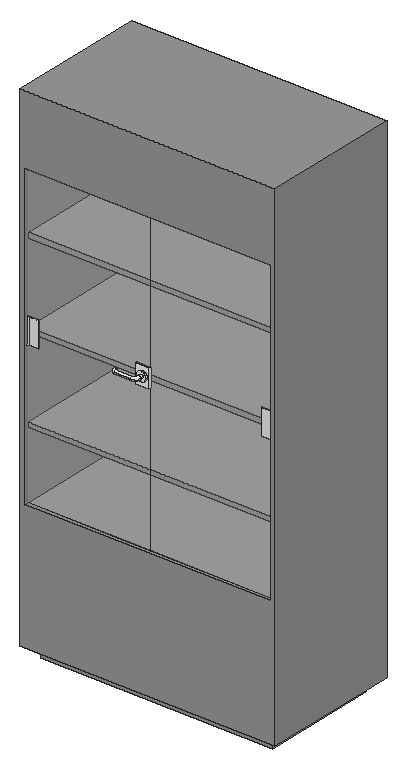
Revit family "13155 Витрина уличная «Буккроссинг» синяя Хоббика", category Антураж, Revit 2018
Family settings
  На основе рабочей плоскости = Нет
  Всегда вертикально = Да
  При загрузке вырезать с полостями = Нет
  Источник визуального образа = Геометрия семейства
  Общий = Нет
  Точка расчета площади = Нет
Parameters (values of type "Витрина уличная «Буккроссинг» синяя")
  Ширина = 600 mm  # constant formula
  Описание = "Витрина уличная «Буккроссинг» синяя"  # constant formula
  Материал изделия = "Сталь, стекло"  # constant formula
  Изображение типоразмера = Витрина уличная «Буккроссинг» синяя Арт 13155.jpg
  Изготовитель = "ООО «Хоббика»"  # constant formula
  Длина = 1100 mm  # constant formula
  Группа модели = "Павильоны, остановки, курилки, буккроссинг"  # constant formula
  Высота = 2200 mm  # constant formula
  Артикул товара = "Арт. 13155"  # constant formula
  URL = "https://hobbyka.ru/product/vitrina_ulichnaya_bukkrossing/"
Reference planes
  plane 1 "По центру (Вперед/Назад)": y = 0
  plane 2: z = 0
  plane 3 "По центру (Влево/Вправо)": x = 0
Forms (mm)
  Extrusion 1, solid, material "Синий"
    sketch origin (0, 0, 0) x (1, 0, 0) y (0, 1, 0)
      loop
        line (1050, 550) -> (50, 550) -> (50, 50) -> (1050, 50) -> (1050, 550)
    from 0 to 50
  Extrusion 2, solid, material "Синий"
    sketch origin (0, 0, 0) x (1, 0, 0) y (0, 1, 0)
      loop
        line (1100, 600) -> (0, 600) -> (0, 0) -> (1100, 0) -> (1100, 600)
    from 50 to 2200
  Extrusion 3, void
    sketch origin (0, 0, 0) x (1, 0, 0) y (0, 0, 1)
      loop
        line (20, 1900) -> (20, 600) -> (1080, 600) -> (1080, 1900) -> (20, 1900)
    from 0 to -600
  Extrusion 4, solid, material "Стекло"
    sketch origin (0, 0, 0) x (1, 0, 0) y (0, 0, 1)
      loop
        line (20, 1900) -> (20, 600) -> (550, 600) -> (550, 1900) -> (20, 1900)
    from -15 to -17
  Extrusion 5, solid, material "Хром"
    sketch origin (0, 0, 0) x (1, 0, 0) y (0, 1, 0)
      loop
        line (70, 15) -> (20, 15)
        arc (20, 15) -> (23.978, 10.105) -> (29.583, 13) r 5
        line (29.583, 13) -> (70, 13) -> (70, 15)
    from 1214.966 to 1325
  Extrusion 6, solid, material "Синий"
    sketch origin (0, 0, -50) x (1, 0, 0) y (0, 0, 1)
      loop
        line (20, 1695) -> (20, 1675) -> (1080, 1675) -> (1080, 1695) -> (20, 1695)
      loop
        line (20, 1330) -> (20, 1310) -> (1080, 1310) -> (1080, 1330) -> (20, 1330)
      loop
        line (20, 965) -> (20, 945) -> (1080, 945) -> (1080, 965) -> (20, 965)
    from -583 to -17
  Extrusion 7, solid, material "Стекло"
    sketch origin (1100, 0, 0) x (-1, 0, 0) y (0, 0, -1)
      loop
        line (20, -1900) -> (550, -1900) -> (550, -600) -> (20, -600) -> (20, -1900)
    from -15 to -17
  Extrusion 8, solid, material "Хром"
    sketch origin (1100, 0, 0) x (-1, 0, 0) y (0, -1, 0)
      loop
        line (70, -15) -> (70, -13) -> (29.583, -13)
        arc (29.583, -13) -> (23.978, -10.105) -> (20, -15) r 5
        line (20, -15) -> (70, -15)
    from 1214.966 to 1325
  Extrusion 9, solid, material "Стекло"
    sketch origin (0, 600, 0) x (1, 0, 0) y (0, 0, -1)
      loop
        line (20, -1900) -> (550, -1900) -> (550, -600) -> (20, -600) -> (20, -1900)
    from -15 to -17
  Extrusion 10, solid, material "Хром"
    sketch origin (0, 600, 0) x (1, 0, 0) y (0, 1, 0)
      loop
        line (70, -15) -> (70, -13) -> (29.583, -13)
        arc (29.583, -13) -> (23.978, -10.105) -> (20, -15) r 5
        line (20, -15) -> (70, -15)
    from 1214.966 to 1325
  Extrusion 11, solid, material "Стекло"
    sketch origin (1100, 600, 0) x (-1, 0, 0) y (0, 0, 1)
      loop
        line (20, 1900) -> (20, 600) -> (550, 600) -> (550, 1900) -> (20, 1900)
    from -15 to -17
  Extrusion 12, solid, material "Хром"
    sketch origin (1100, 600, 0) x (-1, 0, 0) y (0, -1, 0)
      loop
        line (70, 15) -> (20, 15)
        arc (20, 15) -> (23.978, 10.105) -> (29.583, 13) r 5
        line (29.583, 13) -> (70, 13) -> (70, 15)
    from 1214.966 to 1325
Cuts and joins
  Extrusion 3 cuts Extrusion 2
Lines and regions (mm)
  reference lines
    curve 1: line (1100, 0, 0) -> (1100, 600, 0)
    curve 2: line (1100, 600, 0) -> (0, 600, 0)
    curve 3: line (0, 0, 2200) -> (800, 0, 2200)
Dimensions and locks
  aligned and locked: level to plane 2
Nested families
  nested 1: "Handle Domestic (1)" at (515, 585, 1269.99), type "Handle Domestic (1)"
  nested 2: "Handle Domestic (1)" at (585, 15, 1269.99) x (-1, 0, 0) z (0, 0, 1), type "Handle Domestic (1)"
Definition of nested family "Handle Domestic (1)"
  Parameters (values of type "Handle Domestic (1)")
    Function = (empty or 0)
    Manufacturer = "Revit"
    Analytic Construction = "<Нет>"
    Material Ironmongery = none
    Handle Z Distance = 0 mm
    Handle X Distance = 65 mm
  Reference planes
    plane 1 "Center (Front/Back)": y = 0
    plane 2: z = 0
    plane 3 "Center (Left/Right)": x = 0
    plane 4: z = 0
    plane 5: x = 65
  Forms (mm)
    Extrusion 1, solid, material <- "Material Ironmongery"
      sketch origin (0, 0, 0) x (1, 0, 0) y (0, 0, 1)
        loop
          line (35, 40) -> (35, -40) -> (95, -40) -> (95, 40) -> (35, 40)
      from 0 to -6
    Sweep 2, solid, material <- "Material Ironmongery"
      path origin (0, 0, 0) x (0, -1, 0) y (1, 0, 0)
        loop
          line (-10.593, 65) -> (-26, 65)
          arc (-26, 65) -> (-36.607, 69.393) -> (-41, 80) r 15
          line (-41, 80) -> (-41, 152)
          arc (-41, 152) -> (-38.657, 157.657) -> (-33, 160) r 8
      profile origin (0, 18.296, 0) x (-1, 0, 0) y (0, 0, 1)
        loop
          circle (-65, 0) r 7
    Extrusion 3, solid, material <- "Material Ironmongery"
      sketch origin (0, 0, 0) x (1, 0, 0) y (0, 0, 1)
        loop
          circle (65, 0) r 20
      from -6 to -10.593
  Dimensions and locks
    "Handle Z Distance": plane 4 to level
    "Handle X Distance": plane 5 to plane 3 "Center (Left/Right)"
    aligned and locked: Extrusion 1 to Extrusion 3
    aligned and locked: Extrusion 3 to Sweep 2 sketch curve
  Automatic sketch dimensions
    Sweep 2 sketch curve to plane 4 = 0 mm
    Sweep 2 sketch curve to profile plane = 0 mm
    Extrusion 3 sketch curve to plane 4 = 0 mm
    Extrusion 3 sketch curve to plane 5 = 0 mm
    Sweep 2 sketch curve to plane 5 = 0 mm
    Sweep 2 sketch curve to plane 1 "Center (Front/Back)" = 41 mm
    Sweep 2 sketch curve to Sweep 2 sketch curve = 8 mm
    Sweep 2 sketch curve to Sweep 2 sketch curve = 15 mm
    Sweep 2 sketch curve to Sweep 2 sketch curve = 72 mm
    plane 5 to Extrusion 1 sketch curve = 30 mm
    Extrusion 1 sketch curve to plane 5 = 30 mm
    plane 4 to Extrusion 1 sketch curve = 40 mm
    Extrusion 1 sketch curve to plane 4 = 40 mm
    radius of Sweep 2 sketch curve = 7 mm
    radius of Extrusion 3 sketch curve = 20 mm
